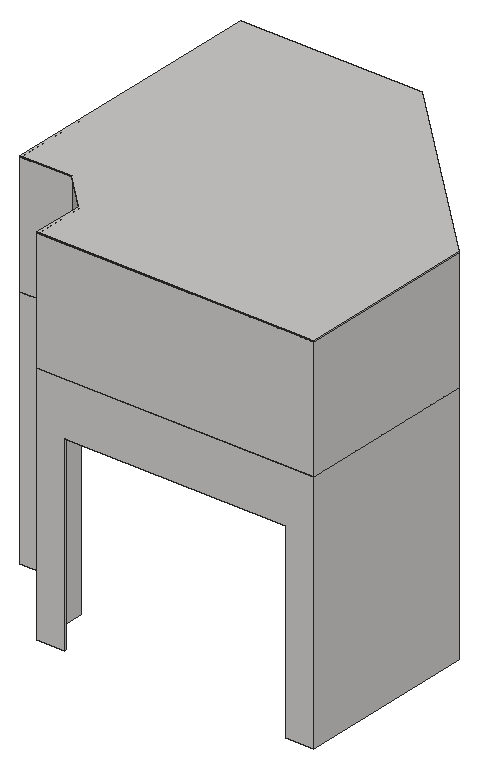
Revit family "QF_ELECTROLUXPROFESSIONAL_535180_NCDDREL56", category Specialty Equipment, Revit 2023
Family settings
  Round Connector Dimension = Use Diameter
  Part Type = Normal
  Work Plane-Based = No
  Enable Cutting in Views = No
  Always vertical = Yes
  Cut with Voids When Loaded = No
  Maintain Annotation Orientation = No
  Shared = No
  Room Calculation Point = No
Parameters (values of type "Standard")
  Weight = 62.00 kg
  Watts = 0 W
  Volts = 380 V
  URL Manufacturer = "http://www.electroluxprofessional.com"
  URL = "http://www.electroluxprofessional.com"
  Steam Supply Size = 0 mm
  Steam Supply Minimum Pressure = 0.0 Pa
  Steam Supply Maximum Pressure = 0.0 Pa
  Steam Pounds per Hour = 0
  Show Logo [instance] = yes
  Refrigeration Suction Line Size = 0 mm
  Refrigeration Liquid Line Size = 0 mm
  Refrigerant Compressor Remote = yes
  Manufacturer = "Electrolux Professional"
  Phase = 3
  Model = "NCDDREL56"
  Length Actual = 872 mm
  Show Clearance [instance] = yes
  Item Number = "535180"
  Hot Water Size = 0 mm
  Height Actual = 877 mm
  HP = "11.4 HP"
  Gas Size = 0 mm
  Gas KW = 0
  Gas Input Pressure = 0 W
  Direct Waste Size = 0 mm
  Description = "CORNER DRYER, DUAL RINSE RT, L>R, ELECTRIC, 50/60HZ"
  Depth Actual = 872 mm
  Default Elevation = 0 mm
  Cycle = 50 Hz
  Condensate Return Size = 0 mm
  Compressed Air Volume = 0.0 L/s
  Compressed Air Size = 0 mm
  Compressed Air Pressure = 0.0 Pa
  Cold Water Size = 0 mm
  Accessory = no
Reference planes
  plane 1 "Center X": y = -16.742
  plane 2: z = 0
  plane 3 "BACK": y = 315.258
  plane 4 "TOP2": z = 1364
  plane 5 "TOP": z = 1785
  plane 6 "MIDDLEY": y = -348.742
  plane 7 "LEFT": x = -423.563
  plane 8 "RIGHT": x = 448.437
  plane 9 "BASE": z = 908
  plane 10 "FRONT": y = -556.742
  plane 11: x = -215.563
  plane 12 "TOP1": z = 1493
  plane 13 "CenterY": x = 116.437
Forms (mm)
  Extrusion 1, solid, material "QF_Finishes_Stainless Steel"
    sketch origin (0, 0, 908) x (-1, 0, 0) y (0, -1, 0)
      loop
        line (423.563, 348.742) -> (298.563, 348.742) -> (215.563, 431.742) -> (215.563, 556.742) -> (-448.437, 556.742) -> (-448.437, 121.742) -> (-11.437, -315.258) -> (423.563, -315.258) -> (423.563, 348.742)
      loop
        line (420.563, 345.742) -> (297.32, 345.742) -> (212.563, 430.499) -> (212.563, 553.742) -> (-445.437, 553.742) -> (-445.437, 122.984) -> (-10.195, -312.258) -> (420.563, -312.258) -> (420.563, 345.742)
    from 0 to 585
  Extrusion 2, solid, material "QF_Finishes_Stainless Steel"
    sketch origin (0, 0, 908) x (-1, 0, 0) y (0, -1, 0)
      loop
        line (423.563, 348.742) -> (298.563, 348.742) -> (215.563, 431.742) -> (215.563, 556.742) -> (-448.437, 556.742) -> (-448.437, 121.742) -> (-11.437, -315.258) -> (423.563, -315.258) -> (423.563, 348.742)
      loop
        line (420.563, 345.742) -> (297.32, 345.742) -> (212.563, 430.499) -> (212.563, 553.742) -> (-445.437, 553.742) -> (-445.437, 122.984) -> (-10.195, -312.258) -> (420.563, -312.258) -> (420.563, 345.742)
    from 875 to 585
  Extrusion 3, solid, material "QF_Finishes_Stainless Steel"
    sketch origin (0, 0, 1785) x (1, 0, 0) y (0, 1, 0)
      loop
        line (-423.563, 315.258) -> (-423.563, -348.742) -> (-298.563, -348.742) -> (-215.563, -431.742) -> (-215.563, -556.742) -> (448.437, -556.742) -> (448.437, -121.742) -> (11.437, 315.258) -> (-423.563, 315.258)
    from 0 to -2
  Extrusion 4, void
    sketch origin (0, -556.742, 0) x (-1, 0, 0) y (0, 0, 1)
      loop
        line (148.563, 908) -> (148.563, 1364) -> (-381.437, 1364) -> (-381.437, 908) -> (148.563, 908)
    from -10 to 10
  Extrusion 5, void
    sketch origin (-423.563, 0, 0) x (0, 1, 0) y (0, 0, 1)
      loop
        line (-281.742, 908) -> (248.258, 908) -> (248.258, 1364) -> (-281.742, 1364) -> (-281.742, 908)
    from -10 to 60
Cuts and joins
  Extrusion 4, Extrusion 5 cuts Extrusion 1
Lines and regions (mm)
  symbolic lines
    curve 1: line (-423.563, 315.258, 1493) -> (-423.563, -348.742, 1493)
    curve 2: line (-423.563, -348.742, 1493) -> (-298.563, -348.742, 1493)
    curve 3: line (-298.563, -348.742, 1493) -> (-215.563, -431.742, 1493)
    curve 4: line (-215.563, -556.742, 1493) -> (-215.563, -431.742, 1493)
    curve 5: line (448.437, -556.742, 1493) -> (-215.563, -556.742, 1493)
    curve 6: line (448.437, -121.742, 1493) -> (448.437, -556.742, 1493)
    curve 7: line (11.437, 315.258, 1493) -> (448.437, -121.742, 1493)
    curve 8: line (-423.563, 315.258, 1493) -> (11.437, 315.258, 1493)
    curve 9: line (116.437, -541.742, 1493) -> (116.437, -556.742, 1493)
    curve 10: line (-408.563, -16.742, 1493) -> (-423.563, -16.742, 1493)
Dimensions and locks
  plane 3 "BACK" to plane 1 "Center X" to plane 6 "MIDDLEY" = 332 mm, 332 mm
  plane 3 "BACK" to plane 6 "MIDDLEY" = 664 mm  (x2)
  plane 5 "TOP" to plane 9 "BASE" = 877 mm
  plane 5 "TOP" to plane 4 "TOP2" = 421 mm
  plane 6 "MIDDLEY" to plane 10 "FRONT" = 208 mm
  plane 11 to plane 8 "RIGHT" = 664 mm
  plane 3 "BACK" to plane 10 "FRONT" = 872 mm
  Extrusion 3 to cut or joined group of Extrusion 1, Extrusion 4, Extrusion 5 to cut or joined group of Extrusion 1, Extrusion 4, Extrusion 5 to level = 421 mm, 456 mm, 908 mm
  aligned and locked: level to plane 2
